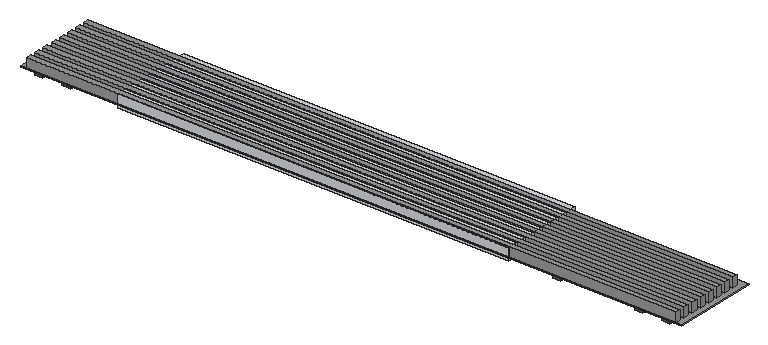
Revit family "1112-8, Solid", category Generic Models, host Face, Revit 2020
Family settings
  Host = Face
  Can host rebar = No
  Round Connector Dimension = Use Diameter
  Part Type = Normal
  Cut with Voids When Loaded = No
  Shared = No
  Room Calculation Point = No
Parameters
  min_value [instance] = 1' - 11 1/4"  # constant formula
  max_value [instance] = 11' - 11 1/4"  # constant formula
  actual_value [instance] = if(NET LENGTH < min_value, min_value, if(NET LENGTH > max_value, max_value, NET LENGTH))  # 7' - 11 1/4"
  SCRIM MATERIAL [instance] = SCRIM
  SCRIM [instance] = yes
  NET LENGTH [instance] = 7' - 11 1/4"
  Default Elevation = 4' - 0"
  BACKER MATERIAL [instance] = BLACK-BACKERS
  .. MEMBER WIDTH [instance] = 0' - 0 3/4"  # constant formula
  .. MEMBER MATERIAL [instance] = Solid Western Hemlock
  .. MEMBER LENGTH [instance] = actual_value  # 7' - 11 1/4"
  .. MEMBER DEPTH [instance] = 0' - 1 3/8"  # constant formula
  .. MEMBER COUNT [instance] = 8  # constant formula
  IMPORTANT NOTE!!!                                                                             *Backer layout is for visualization purposes only, final layout to be determined by 9Wood. [instance] = ""
Reference planes (in)
  plane 1 "Center (Front/Back)": y = 0
  plane 2: z = 1.82209
  plane 3 "Center (Left/Right)": x = 0
Forms (in)
  Extrusion 1, solid
    sketch origin (132, -33.80483, 0) x (1, 0, 0) y (0, 1, 0)
      loop
        line (-118.625, 33.80483) -> (-61.26146, 33.80483) -> (-61.26146, 45.86733) -> (-118.625, 45.86733) -> (-118.625, 33.80483)
    from 1.82209 to 0
Dimensions and locks (in)
  aligned and locked: Extrusion 1 to plane 2
  aligned and locked: plane 3 "Center (Left/Right)" to nested 1
Nested families (in)
  nested 1: "1100 SERIES CONFIG" at (0, 2, 0), .. MEMBER DEPTH <- ".. MEMBER DEPTH", .. MEMBER LENGTH <- ".. MEMBER LENGTH", .. MEMBER WIDTH <- ".. MEMBER WIDTH", .. MEMBER MATERIAL <- ".. MEMBER MATERIAL", BACKING M MATERIAL <- "BACKER MATERIAL", SCRIM  MATERIAL <- "SCRIM MATERIAL", .. MEMBER COUNT <- ".. MEMBER COUNT", SCRIM <- "SCRIM", type "1100 SERIES CONFIG"
    with X 7' - 8", SCRIM OVERHANG 2 0' - 0 3/32", SCRIM OVERHANG 0' - 0 7/8", SCRIM LENGTH 8' - 1", SCRIM  MATERIAL SCRIM, SCRIM yes, NOMINAL LENGTH 7, N 8, Inset 6' - 0 3/8", INSET 0' - 1", INDEX 0' - 5 5/8", HALF MEMBER WIDTH 0' - 0 3/8", HALF LENGTH 3' - 11 5/8", END BACKER yes, BACKING M WIDTH 0' - 1 1/4", BACKING M OC SPACING 1' - 0", BACKING M MATERIAL BLACK-BACKERS, BACKING M LENGTH 0' - 11 7/8", BACKING M DEPTH 0' - 0 1/2", BACKING M COUNT 8, 3/16" INSET 0' - 0 3/16", .. MEMBER WIDTH 0' - 0 3/4", .. MEMBER OC SPACING 0' - 1 1/2", .. MEMBER MATERIAL Solid Western Hemlock, .. MEMBER LENGTH 7' - 11 1/4", .. MEMBER DEPTH 0' - 1 3/8", .. MEMBER COUNT 8
Definition of nested family "1100 SERIES CONFIG"
  Parameters (values of type "1100 SERIES CONFIG")
    X [instance] = .. MEMBER LENGTH - 0' 3 1/4"  # 5' - 5"
    SCRIM OVERHANG 2 [instance] = 0' - 0 3/32"  # constant formula
    SCRIM OVERHANG [instance] = 0' - 0 7/8"  # constant formula
    SCRIM LENGTH [instance] = .. MEMBER LENGTH + (SCRIM OVERHANG * 2)  # 5' - 10"
    SCRIM  MATERIAL [instance] = none
    SCRIM [instance] = yes
    NOMINAL LENGTH [instance] = 7
    N [instance] = if((X - (rounddown(X / 1' 0") * 1' 0")) > 1' 0", rounddown(X / 1' 0") + 2, rounddown(X / 1' 0") + 1)  # 6
    Inset [instance] = 6' - 0 3/8"  # constant formula
    INSET [instance] = 0' - 1"  # constant formula
    END BACKER [instance] = INDEX > 0' 3 5/8"  # yes
    INDEX [instance] = (.. MEMBER LENGTH - ((N - 1) * 1' 0")) / 2  # 0' - 4 1/8"
    HALF MEMBER WIDTH [instance] = .. MEMBER WIDTH / 2  # 0' - 0 5/16"
    HALF LENGTH [instance] = .. MEMBER LENGTH / 2  # 2' - 10 1/8"
    Default Elevation = 0' - 0"
    BACKING M WIDTH [instance] = 0' - 1 1/4"
    BACKING M SPACING = 3' - 3"
    BACKING M MATERIAL [instance] = none
    BACKING M LENGTH [instance] = 0' - 11 7/8"
    BACKING M DEPTH [instance] = 0' - 0 1/2"
    BACKING M COUNT [instance] = N  # 6
    BACKING M OC SPACING [instance] = 1' - 0"  # constant formula
    3/16" INSET [instance] = 0' - 0 3/16"  # constant formula
    .. MEMBER WIDTH [instance] = 0' - 0 5/8"
    .. MEMBER OC SPACING [instance] = 1' 0" / .. MEMBER COUNT  # 0' - 4"
    .. MEMBER MATERIAL [instance] = none
    .. MEMBER LENGTH [instance] = 5' - 8 1/4"
    .. MEMBER DEPTH [instance] = 0' - 1 3/8"
    .. MEMBER COUNT [instance] = 3
  Reference planes (in)
    plane 1 "Center (Front/Back)": y = -2
    plane 2: z = 0
    plane 3 "Center (Left/Right)": x = 0
    plane 4: x = 1
    plane 5: x = 4.125
    plane 6: x = 34.125
    plane 7: x = 68.25
    plane 8: x = 67.25
    plane 9: x = 16.125
    plane 10: y = -1.8125
    plane 11: y = -1.6875
    plane 12: y = 2.3125
    plane 13: x = 69.125
    plane 14: x = -0.875
    plane 15: z = 0.5
    plane 16: z = 0.5625
    plane 17: y = 10.0625
    plane 18: y = 10.15625
    plane 19: y = -2.09375
  Dimensions and locks (in)
    "INSET": plane 3 "Center (Left/Right)" to plane 4
    "INDEX": plane 3 "Center (Left/Right)" to plane 5
    "HALF LENGTH": plane 3 "Center (Left/Right)" to plane 6
    ".. MEMBER LENGTH": plane 3 "Center (Left/Right)" to plane 7
    "INSET": plane 8 to plane 7
    equal spacing: group 2, group 3, group 6, group 7, group 8, group 9  (x3)
    "3/16" INSET": plane 1 "Center (Front/Back)" to plane 10
    ".. MEMBER OC SPACING": plane 12 to plane 11
    "SCRIM OVERHANG": plane 14 to plane 3 "Center (Left/Right)"
    "SCRIM OVERHANG": plane 7 to plane 13
    equal spacing: group 1, group 4, group 5  (x2)
    equal spacing: group 5, group 4, group 1
    "HALF MEMBER WIDTH": plane 1 "Center (Front/Back)" to plane 11
    "BACKING M OC SPACING": plane 5 to plane 9
    "SCRIM OVERHANG 2": plane 18 to plane 17
    "SCRIM OVERHANG 2": plane 19 to plane 1 "Center (Front/Back)"
    aligned and locked: level to plane 2
    aligned and locked: plane 6 to nested 1
    aligned and locked: nested 2 to plane 4
    aligned and locked: plane 5 to nested 3
    aligned and locked: plane 1 "Center (Front/Back)" to nested 1
    aligned and locked: nested 2 to plane 10
    aligned and locked: nested 3 to plane 10
    aligned and locked: nested 5 to plane 10
    aligned and locked: nested 4 to plane 10
    aligned and locked: nested 6 to plane 14
    aligned and locked: plane 12 to nested 7
    aligned and locked: nested 7 to plane 3 "Center (Left/Right)"
    aligned and locked: plane 9 to nested 5
    aligned and locked: plane 8 to nested 4
    aligned and locked: plane 15 to nested 2
    aligned and locked: nested 6 to plane 15
    aligned and locked: nested 1 to plane 16
    aligned and locked: nested 7 to plane 16
    aligned and locked: nested 6 to plane 19
  Nested families (in)
    nested 1: "INSTANCE - Parametric Cube" at (34.125, -1.6875, 1.9375), Length <- ".. MEMBER WIDTH", Height <- ".. MEMBER DEPTH", Width <- ".. MEMBER LENGTH", Material <- ".. MEMBER MATERIAL", type "INSTANCE - Parametric Cube"
      with Width 5' - 8 1/4", Material none, Length 0' - 0 5/8", Height 0' - 1 3/8"
    nested 2: "2ND INSTANCE - Parametric Cube" at (1.625, 4.125, 0), Height <- "BACKING M DEPTH", Length <- "BACKING M LENGTH", Width <- "BACKING M WIDTH", Material <- "BACKING M MATERIAL", visible <- "END BACKER", type "2ND INSTANCE - Parametric Cube"
      with Width 0' - 1 1/4", Material none, Length 0' - 11 7/8", Height 0' - 0 1/2"
    nested 3: "2ND INSTANCE - Parametric Cube" at (4.125, 4.125, 0), Length <- "BACKING M LENGTH", Height <- "BACKING M DEPTH", Width <- "BACKING M WIDTH", Material <- "BACKING M MATERIAL", type "2ND INSTANCE - Parametric Cube"
      with Width 0' - 1 1/4", Material none, Length 0' - 11 7/8", Height 0' - 0 1/2"
    nested 4: "2ND INSTANCE - Parametric Cube" at (66.625, 4.125, 0), Width <- "BACKING M WIDTH", Length <- "BACKING M LENGTH", Height <- "BACKING M DEPTH", Material <- "BACKING M MATERIAL", visible <- "END BACKER", type "2ND INSTANCE - Parametric Cube"
      with Width 0' - 1 1/4", Material none, Length 0' - 11 7/8", Height 0' - 0 1/2"
    nested 5: "2ND INSTANCE - Parametric Cube" at (16.125, 4.125, 0), Length <- "BACKING M LENGTH", Height <- "BACKING M DEPTH", Width <- "BACKING M WIDTH", Material <- "BACKING M MATERIAL", type "2ND INSTANCE - Parametric Cube"
      with Width 0' - 1 1/4", Material none, Length 0' - 11 7/8", Height 0' - 0 1/2"
    nested 6: "3RD INSTANCE - Parametric Cube" at (34.125, 4.0445, 0.5), Width <- "SCRIM LENGTH", Material <- "SCRIM  MATERIAL", visible <- "SCRIM", type "3RD INSTANCE - Parametric Cube"
      with Width 5' - 10", Material none, Length 1' - 0.27649", Height 0' - 0 1/16"
    nested 7: "INSTANCE - Parametric Cube" at (34.125, 2.3125, 1.9375), Length <- ".. MEMBER WIDTH", Height <- ".. MEMBER DEPTH", Width <- ".. MEMBER LENGTH", Material <- ".. MEMBER MATERIAL", type "INSTANCE - Parametric Cube"
      with Width 5' - 8 1/4", Material none, Length 0' - 0 5/8", Height 0' - 1 3/8"
    nested 8: "INSTANCE - Parametric Cube" at (34.125, 6.3125, 1.9375), Length <- ".. MEMBER WIDTH", Height <- ".. MEMBER DEPTH", Width <- ".. MEMBER LENGTH", Material <- ".. MEMBER MATERIAL", type "INSTANCE - Parametric Cube"
      with Width 5' - 8 1/4", Material none, Length 0' - 0 5/8", Height 0' - 1 3/8"
    nested 9: "2ND INSTANCE - Parametric Cube" at (28.125, 4.125, 0), Length <- "BACKING M LENGTH", Height <- "BACKING M DEPTH", Width <- "BACKING M WIDTH", Material <- "BACKING M MATERIAL", type "2ND INSTANCE - Parametric Cube"
      with Width 0' - 1 1/4", Material none, Length 0' - 11 7/8", Height 0' - 0 1/2"
    nested 10: "2ND INSTANCE - Parametric Cube" at (40.125, 4.125, 0), Length <- "BACKING M LENGTH", Height <- "BACKING M DEPTH", Width <- "BACKING M WIDTH", Material <- "BACKING M MATERIAL", type "2ND INSTANCE - Parametric Cube"
      with Width 0' - 1 1/4", Material none, Length 0' - 11 7/8", Height 0' - 0 1/2"
    nested 11: "2ND INSTANCE - Parametric Cube" at (52.125, 4.125, 0), Length <- "BACKING M LENGTH", Height <- "BACKING M DEPTH", Width <- "BACKING M WIDTH", Material <- "BACKING M MATERIAL", type "2ND INSTANCE - Parametric Cube"
      with Width 0' - 1 1/4", Material none, Length 0' - 11 7/8", Height 0' - 0 1/2"
    nested 12: "2ND INSTANCE - Parametric Cube" at (64.125, 4.125, 0), Length <- "BACKING M LENGTH", Height <- "BACKING M DEPTH", Width <- "BACKING M WIDTH", Material <- "BACKING M MATERIAL", type "2ND INSTANCE - Parametric Cube"
      with Width 0' - 1 1/4", Material none, Length 0' - 11 7/8", Height 0' - 0 1/2"
  Definition of nested family "INSTANCE - Parametric Cube"
    Parameters (values of type "INSTANCE - Parametric Cube")
      Width [instance] = 0' - 6"
      Material [instance] = none
      Length [instance] = 1' - 0"
      Height [instance] = 1' - 6"
      Default Elevation = 0' - 0"
    Reference planes (in)
      plane 1 "Center (Front/Back)": y = 0
      plane 2: z = 0
      plane 3 "Center (Left/Right)": x = 0
      plane 4: x = -3
      plane 5: x = 3
      plane 6: y = 6
      plane 7: y = -6
      plane 8: z = -18
    Forms (in)
      Extrusion 1, solid, material <- "Material"
        sketch origin (0, 0, 0) x (1, 0, 0) y (0, 1, 0)
          loop
            line (-3, 6) -> (-3, -6) -> (3, -6) -> (3, 6) -> (-3, 6)
        from -18 to 0
    Dimensions and locks (in)
      equal spacing: plane 4, plane 3 "Center (Left/Right)", plane 5
      equal spacing: plane 6, plane 1 "Center (Front/Back)", plane 7
      "Length": plane 6 to plane 7
      "Width": plane 4 to plane 5
      "Height": plane 8 to level
      aligned and locked: plane 2 to level
      aligned and locked: Extrusion 1 sketch curve to plane 6
      aligned and locked: plane 4 to Extrusion 1 sketch curve
      aligned and locked: plane 7 to Extrusion 1 sketch curve
      aligned and locked: Extrusion 1 sketch curve to plane 5
      aligned and locked: Extrusion 1 to plane 8
  Definition of nested family "2ND INSTANCE - Parametric Cube"
    Parameters (values of type "2ND INSTANCE - Parametric Cube")
      Width [instance] = 0' - 6"
      Material [instance] = none
      Length [instance] = 1' - 0"
      Height [instance] = 1' - 6"
      Default Elevation = 0' - 0"
    Reference planes (in)
      plane 1 "Center (Front/Back)": y = 0
      plane 2: z = 0
      plane 3 "Center (Left/Right)": x = 0
      plane 4: x = -3
      plane 5: x = 3
      plane 6: y = 6
      plane 7: y = -6
      plane 8: z = 18
    Forms (in)
      Extrusion 1, solid, material <- "Material"
        sketch origin (0, 0, 0) x (1, 0, 0) y (0, 1, 0)
          loop
            line (-3, 6) -> (-3, -6) -> (3, -6) -> (3, 6) -> (-3, 6)
        from 0 to 18
    Dimensions and locks (in)
      equal spacing: plane 4, plane 3 "Center (Left/Right)", plane 5
      equal spacing: plane 6, plane 1 "Center (Front/Back)", plane 7
      "Length": plane 6 to plane 7
      "Width": plane 4 to plane 5
      "Height": level to plane 8
      aligned and locked: plane 2 to level
      aligned and locked: Extrusion 1 sketch curve to plane 6
      aligned and locked: plane 4 to Extrusion 1 sketch curve
      aligned and locked: plane 7 to Extrusion 1 sketch curve
      aligned and locked: Extrusion 1 sketch curve to plane 5
      aligned and locked: plane 8 to Extrusion 1
      aligned and locked: Extrusion 1 to level
  Definition of nested family "3RD INSTANCE - Parametric Cube"
    Parameters (values of type "3RD INSTANCE - Parametric Cube")
      Width [instance] = 0' - 6"
      Material [instance] = none
      Length [instance] = 1' - 0"
      Height [instance] = 1' - 6"
      Default Elevation = 0' - 0"
    Reference planes (in)
      plane 1 "Center (Front/Back)": y = 0
      plane 2: z = 0
      plane 3 "Center (Left/Right)": x = 0
      plane 4: x = -3
      plane 5: x = 3
      plane 6: y = 6
      plane 7: y = -6
      plane 8: z = 18
    Forms (in)
      Extrusion 1, solid, material <- "Material"
        sketch origin (0, 0, 0) x (1, 0, 0) y (0, 1, 0)
          loop
            line (-3, 6) -> (-3, -6) -> (3, -6) -> (3, 6) -> (-3, 6)
        from 0 to 18
    Dimensions and locks (in)
      equal spacing: plane 4, plane 3 "Center (Left/Right)", plane 5
      equal spacing: plane 6, plane 1 "Center (Front/Back)", plane 7
      "Length": plane 6 to plane 7
      "Width": plane 4 to plane 5
      "Height": level to plane 8
      aligned and locked: plane 2 to level
      aligned and locked: Extrusion 1 sketch curve to plane 6
      aligned and locked: plane 4 to Extrusion 1 sketch curve
      aligned and locked: plane 7 to Extrusion 1 sketch curve
      aligned and locked: Extrusion 1 sketch curve to plane 5
      aligned and locked: plane 8 to Extrusion 1
      aligned and locked: Extrusion 1 to level
